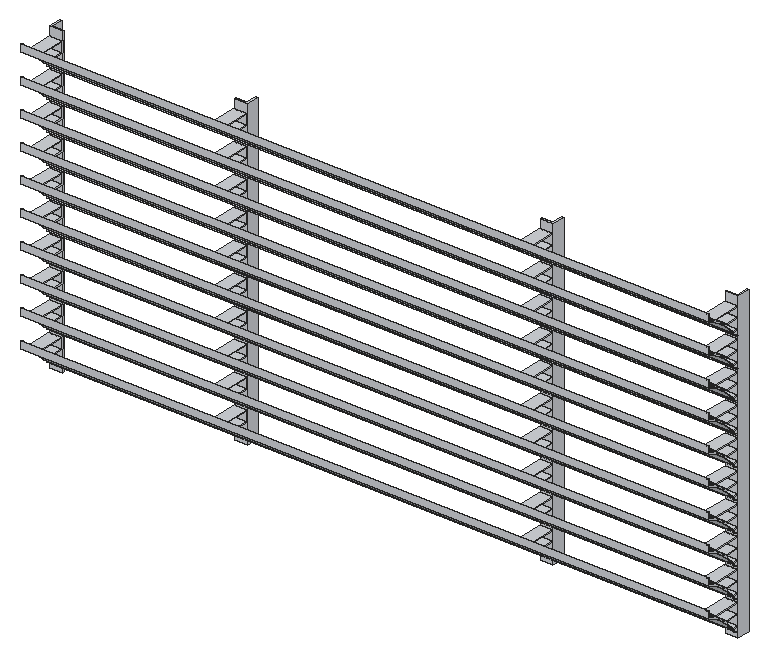
Revit family "ES-EL-6", category Mechanical Equipment, Revit 2015
Parameters
  URL = "http://unitedenertech.com/catalog/pdf/A_48%20ES-EL-6.pdf"
  Type Comments = "Max Single Section Size is (84\"w x 120\"h) or (120\"w x 84\"h)"
  Model = "ES-El-6"
  Manufacturer = "United Enertech Corporation"
  Keynote = "Note: Blade Braces Set to Visibility Parameters, Correct Number Will Appear when Loaded into Project."
  Exact Width = 9' - 0"
  Exact Height = 4' - 0"
  Description = "6\" Aluminum Equipment Screen"
  Brace Visibility (2) [instance] = if(Exact Width > 7' 11 115/128", 2 > 1, 1 > 2)  # yes
  Brace Visibility [instance] = if(and(Exact Width > 3' 11 115/128", Exact Width < 7' 11 115/128"), 2 > 1, 1 > 2)  # no
  Blade Spacing = 0' - 4.63"
  Blade Number [instance] = rounddown(Exact Height / Blade Spacing)  # 10
Reference planes (in)
  plane 1 "Center (Front/Back)": y = 0
  plane 2: z = 0
  plane 3 "Center (Left/Right)": x = 0
  plane 4: x = -54
  plane 5: x = 54
  plane 6: z = 48
Forms (in)
  Extrusion 1, solid
    sketch origin (0, 0, 0) x (1, 0, 0) y (0, 1, 0)
      loop
        line (-54, 0) -> (-52, 0) -> (-52, 0.25) -> (-53.75, 0.25) -> (-53.75, 2) -> (-54, 2) -> (-54, 0)
    from 0 to 48
  Extrusion 2, solid
    sketch origin (0, 0, 0) x (-1, 0, 0) y (0, -1, 0)
      loop
        line (-54, 0) -> (-54, -2) -> (-53.75, -2) -> (-53.75, -0.25) -> (-52, -0.25) -> (-52, 0) -> (-54, 0)
    from 0 to 48
Dimensions and locks (in)
  equal spacing: plane 4, plane 3 "Center (Left/Right)", plane 5
  "Exact Width": plane 4 to plane 5
  "Exact Height": plane 6 to level
  equal spacing: group 1, group 2, group 3, group 4, group 5, group 6, group 7, group 8, group 9, group 10  (x2)
  equal spacing: group 10, group 9, group 8, group 7, group 6, group 5, group 4, group 3, group 2, group 1
  "Blade Spacing": nested 1 to nested 2
  aligned and locked: level to plane 2
  aligned and locked: plane 6 to Extrusion 2
  aligned and locked: plane 6 to Extrusion 1
  aligned and locked: plane 3 "Center (Left/Right)" to nested 1
  aligned and locked: plane 6 to nested 1
  aligned and locked: nested 2 to nested 1
Automatic sketch dimensions
  plane 1 "Center (Front/Back)" to Extrusion 1 sketch curve = 0' - 0"
  Extrusion 1 sketch curve to plane 4 = 0' - 0"
  Extrusion 1 sketch curve to plane 4 = 0' - 0 1/4"
  Extrusion 1 sketch curve to Extrusion 1 sketch curve = 0' - 1 3/4"  (x2)
  Extrusion 1 sketch curve to plane 1 "Center (Front/Back)" = 0' - 0 1/4"
  plane 1 "Center (Front/Back)" to Extrusion 2 sketch curve = 0' - 0"
  Extrusion 2 sketch curve to plane 5 = 0' - 0"
  plane 5 to Extrusion 2 sketch curve = 0' - 0 1/4"
  Extrusion 2 sketch curve to Extrusion 2 sketch curve = 0' - 1 3/4"  (x2)
  plane 1 "Center (Front/Back)" to Extrusion 2 sketch curve = 0' - 0 1/4"
Nested families (in)
  nested 1: "ESEL6BLADEANDBRACE" at (0, -5.86053, 39.18457), type "ESEL6BLADEANDBRACE"
    with Blade Width 9' - 0"
  nested 2: "ESEL6BLADEANDBRACE" at (0, -5.86053, 34.55457), type "ESEL6BLADEANDBRACE"
    with Blade Width 9' - 0"
  nested 3: "ESEL6BLADEANDBRACE" at (0, -5.86053, 29.92457), type "ESEL6BLADEANDBRACE"
    with Blade Width 9' - 0"
  nested 4: "ESEL6BLADEANDBRACE" at (0, -5.86053, 25.29457), type "ESEL6BLADEANDBRACE"
    with Blade Width 9' - 0"
  nested 5: "ESEL6BLADEANDBRACE" at (0, -5.86053, 20.66457), type "ESEL6BLADEANDBRACE"
    with Blade Width 9' - 0"
  nested 6: "ESEL6BRACE" at (1, 0.00618, 0), visible <- "Brace Visibility", type "ESEL6BRACE"
    with Brace Number 10
  nested 7: "ESEL6BRACE" at (25, 0.00618, 0), visible <- "Brace Visibility (2)", type "ESEL6BRACE"
    with Brace Number 10
  nested 8: "ESEL6BRACE" at (-23, 0.00618, 0), visible <- "Brace Visibility (2)", type "ESEL6BRACE"
    with Brace Number 10
  nested 9: "ESEL6BLADEANDBRACE" at (0, -5.86053, 16.03457), type "ESEL6BLADEANDBRACE"
    with Blade Width 9' - 0"
  nested 10: "ESEL6BLADEANDBRACE" at (0, -5.86053, 11.40457), type "ESEL6BLADEANDBRACE"
    with Blade Width 9' - 0"
  nested 11: "ESEL6BLADEANDBRACE" at (0, -5.86053, 6.77457), type "ESEL6BLADEANDBRACE"
    with Blade Width 9' - 0"
  nested 12: "ESEL6BLADEANDBRACE" at (0, -5.86053, 2.14457), type "ESEL6BLADEANDBRACE"
    with Blade Width 9' - 0"
  nested 13: "ESEL6BLADEANDBRACE" at (0, -5.86053, -2.48543), type "ESEL6BLADEANDBRACE"
    with Blade Width 9' - 0"
Definition of nested family "ESEL6BLADEANDBRACE"
  Parameters (values of type "ESEL6BLADEANDBRACE")
    Blade Width = 4' - 0"
  Reference planes (in)
    plane 1 "Center (Front/Back)": y = 0
    plane 2: z = 0
    plane 3 "Center (Left/Right)": x = 0
    plane 4: x = -24
    plane 5: x = 24
    plane 6: x = -22
    plane 7: x = 22
  Forms (in)
    Extrusion 1, solid
      sketch origin (-14.43998, 13.60962, 0.83037) x (0, 1, 0) y (0, 0, 1)
        loop
          line (-13.51496, 7.98507) -> (-13.51496, 6.87526) -> (-12.76774, 6.52187) -> (-12.40909, 6.35224) -> (-12.07841, 6.19585) -> (-11.81523, 6.06274) -> (-11.57183, 5.91693) -> (-11.32141, 5.7406) -> (-11.07345, 5.53509) -> (-10.79237, 5.26086) -> (-8.83019, 3.28068) -> (-7.8239, 3.28068) -> (-7.8239, 2.50032) -> (-8.18052, 2.72316) -> (-8.22105, 2.65297) -> (-7.7429, 2.3542) -> (-7.7429, 3.36168) -> (-8.7556, 3.36168) -> (-10.11349, 4.73203) -> (-10.05227, 4.77444) -> (-10.01619, 4.82852) -> (-10.00438, 4.90656) -> (-10.08927, 4.91114)
          arc (-10.08927, 4.91114) -> (-10.22079, 4.83469) -> (-10.13519, 4.96045) r 0.078
          line (-10.13519, 4.96045) -> (-10.14282, 5.0496) -> (-10.19099, 5.04449) -> (-10.23496, 5.02999) -> (-10.28518, 4.99044) -> (-10.31533, 4.93573) -> (-10.75183, 5.37623) -> (-10.99362, 5.61123) -> (-11.19393, 5.78078) -> (-11.42469, 5.95104) -> (-11.69271, 6.11989) -> (-11.92584, 6.24467) -> (-12.1114, 6.33313) -> (-12.07216, 6.38225) -> (-12.05586, 6.43461) -> (-12.06035, 6.50861) -> (-12.14855, 6.49811)
          arc (-12.14855, 6.49811) -> (-12.2544, 6.38854) -> (-12.20441, 6.53245) r 0.078
          line (-12.20441, 6.53245) -> (-12.25159, 6.61416) -> (-12.31444, 6.57787) -> (-12.34843, 6.53917) -> (-12.36716, 6.49601) -> (-12.37078, 6.45581) -> (-13.43396, 6.95864) -> (-13.43396, 7.98507) -> (-13.51496, 7.98507)
      from -9.56002 to 38.43998
    Extrusion 2, solid
      sketch origin (-14.43998, 9.22554, 0.18061) x (0, 1, 0) y (0, 0, 1)
        loop
          arc (-7.83356, 7.16625) -> (-7.86745, 7.0554) -> (-7.78268, 7.13445) r 0.06
          line (-7.78268, 7.13445) -> (-7.74529, 7.19429) -> (-3.459, 7.19429) -> (-3.459, 5.7017) -> (-5.65549, 5.7017) -> (-5.76827, 5.59653)
          arc (-5.76827, 5.59653) -> (-5.8297, 5.49823) -> (-5.72735, 5.55265) r 0.06
          line (-5.72735, 5.55265) -> (-5.66832, 5.6077) -> (-3.365, 5.6077) -> (-3.365, 7.28829) -> (-7.7573, 7.28829) -> (-7.83356, 7.16625)
      from 36.43998 to 38.43998
    Extrusion 3, solid
      sketch origin (-27.43998, 9.22554, 0.18061) x (0, 1, 0) y (0, 0, 1)
        loop
          arc (-7.83356, 7.16625) -> (-7.86745, 7.0554) -> (-7.78268, 7.13445) r 0.06
          line (-7.78268, 7.13445) -> (-7.74529, 7.19429) -> (-3.459, 7.19429) -> (-3.459, 5.7017) -> (-5.65549, 5.7017) -> (-5.76827, 5.59653)
          arc (-5.76827, 5.59653) -> (-5.8297, 5.49823) -> (-5.72735, 5.55265) r 0.06
          line (-5.72735, 5.55265) -> (-5.66832, 5.6077) -> (-3.365, 5.6077) -> (-3.365, 7.28829) -> (-7.7573, 7.28829) -> (-7.83356, 7.16625)
      from 3.43998 to 5.43998
  Dimensions and locks (in)
    equal spacing: plane 4, plane 3 "Center (Left/Right)", plane 5
    "Blade Width": plane 4 to plane 5
    locked: plane 4 to plane 6 at 2
    locked: plane 7 to plane 5 at 2
    aligned and locked: level to plane 2
    aligned and locked: Extrusion 2 to plane 5
    aligned and locked: plane 7 to Extrusion 2
    aligned and locked: plane 4 to Extrusion 3
    aligned and locked: Extrusion 3 to plane 6
    aligned and locked: plane 4 to Extrusion 1
    aligned and locked: Extrusion 1 to plane 5
  Automatic sketch dimensions
    Extrusion 1 sketch curve to plane 1 "Center (Front/Back)" = 0' - 0.09465"
    Extrusion 1 sketch curve to Extrusion 1 sketch curve = 0' - 0.081"  (x3)
    Extrusion 1 sketch curve to Extrusion 1 sketch curve = 0' - 0.66622"
    Extrusion 1 sketch curve to Extrusion 1 sketch curve = 0' - 0.35865"
    Extrusion 1 sketch curve to Extrusion 1 sketch curve = 0' - 0.03831"
    Extrusion 1 sketch curve to Extrusion 1 sketch curve = 0' - 0.00362"
    Extrusion 1 sketch curve to Extrusion 1 sketch curve = 0' - 0.01873"
    Extrusion 1 sketch curve to Extrusion 1 sketch curve = 0' - 0.03399"
    Extrusion 1 sketch curve to Extrusion 1 sketch curve = 0' - 0.06286"
    Extrusion 1 sketch curve to Extrusion 1 sketch curve = 0' - 0.15723"
    Extrusion 1 sketch curve to Extrusion 1 sketch curve = 0' - 0.00914"
    Extrusion 1 sketch curve to Extrusion 1 sketch curve = 0' - 0.05585"
    Extrusion 1 sketch curve to Extrusion 1 sketch curve = 0' - 0.10215"
    Extrusion 1 sketch curve to Extrusion 1 sketch curve = 0' - 0.03299"
    Extrusion 1 sketch curve to Extrusion 1 sketch curve = 0' - 0.03924"
    Extrusion 1 sketch curve to Extrusion 1 sketch curve = 0' - 0.08821"
    Extrusion 1 sketch curve to Extrusion 1 sketch curve = 0' - 0.0163"
    Extrusion 1 sketch curve to Extrusion 1 sketch curve = 0' - 0.15258"
    Extrusion 1 sketch curve to Extrusion 1 sketch curve = 0' - 0.11061"
    Extrusion 1 sketch curve to Extrusion 1 sketch curve = 0' - 0.12251"
    Extrusion 1 sketch curve to Extrusion 1 sketch curve = 0' - 0.12088"
    Extrusion 1 sketch curve to Extrusion 1 sketch curve = 0' - 0.14714"
    Extrusion 1 sketch curve to Extrusion 1 sketch curve = 0' - 0.10329"
    Extrusion 1 sketch curve to Extrusion 1 sketch curve = 0' - 0.12748"
    Extrusion 1 sketch curve to Extrusion 1 sketch curve = 0' - 0.12048"
    Extrusion 1 sketch curve to Extrusion 1 sketch curve = 0' - 0.07983"
    Extrusion 1 sketch curve to Extrusion 1 sketch curve = 0' - 0.28109"
    Extrusion 1 sketch curve to Extrusion 1 sketch curve = 0' - 0.04054"
    Extrusion 1 sketch curve to Extrusion 1 sketch curve = 0' - 0.47704"
    Extrusion 1 sketch curve to Extrusion 1 sketch curve = 0' - 0.03015"
    Extrusion 1 sketch curve to Extrusion 1 sketch curve = 0' - 0.05022"  (x2)
    Extrusion 1 sketch curve to Extrusion 1 sketch curve = 0' - 0.04397"
    Extrusion 1 sketch curve to Extrusion 1 sketch curve = 0' - 0.15162"
    Extrusion 1 sketch curve to Extrusion 1 sketch curve = 0' - 0.04817"
    Extrusion 1 sketch curve to Extrusion 1 sketch curve = 0' - 0.02852"
    Extrusion 1 sketch curve to Extrusion 1 sketch curve = 0' - 0.04592"
    Extrusion 1 sketch curve to Extrusion 1 sketch curve = 0' - 0.06122"
    Extrusion 1 sketch curve to Extrusion 1 sketch curve = 0' - 0.03607"
    Extrusion 1 sketch curve to Extrusion 1 sketch curve = 0' - 0.01181"
    Extrusion 1 sketch curve to Extrusion 1 sketch curve = 0' - 1.22207"
    Extrusion 1 sketch curve to Extrusion 1 sketch curve = 0' - 0.07459"
    Extrusion 1 sketch curve to Extrusion 1 sketch curve = 0' - 0.60915"
    Extrusion 1 sketch curve to Extrusion 1 sketch curve = 0' - 0.04052"
    Extrusion 1 sketch curve to Extrusion 1 sketch curve = 0' - 0.35662"
    level to Extrusion 1 sketch curve = 0' - 3.18457"
    Extrusion 1 sketch curve to Extrusion 1 sketch curve = 0' - 0.14612"
    Extrusion 1 sketch curve to Extrusion 1 sketch curve = 0' - 0.15264"
    Extrusion 1 sketch curve to Extrusion 1 sketch curve = 0' - 0.07019"
    Extrusion 1 sketch curve to Extrusion 1 sketch curve = 0' - 0.55752"
    Extrusion 1 sketch curve to Extrusion 1 sketch curve = 0' - 1.37035"
    Extrusion 1 sketch curve to Extrusion 1 sketch curve = 0' - 0.04241"
    Extrusion 1 sketch curve to Extrusion 1 sketch curve = 0' - 0.05408"
    Extrusion 1 sketch curve to Extrusion 1 sketch curve = 0' - 0.11341"
    Extrusion 1 sketch curve to Extrusion 1 sketch curve = 0' - 0.07804"
    Extrusion 1 sketch curve to Extrusion 1 sketch curve = 0' - 0.02329"
    Extrusion 1 sketch curve to Extrusion 1 sketch curve = 0' - 0.04788"
    Extrusion 1 sketch curve to Extrusion 1 sketch curve = 0' - 0.05471"
    Extrusion 1 sketch curve to Extrusion 1 sketch curve = 0' - 0.03955"
    Extrusion 1 sketch curve to Extrusion 1 sketch curve = 0' - 0.0145"
    Extrusion 1 sketch curve to Extrusion 1 sketch curve = 0' - 0.00511"
    Extrusion 1 sketch curve to Extrusion 1 sketch curve = 0' - 0.27042"
    Extrusion 1 sketch curve to Extrusion 1 sketch curve = 0' - 0.11537"
    Extrusion 1 sketch curve to Extrusion 1 sketch curve = 0' - 0.15886"
    Extrusion 1 sketch curve to Extrusion 1 sketch curve = 0' - 0.07614"
    Extrusion 1 sketch curve to Extrusion 1 sketch curve = 0' - 0.20551"
    Extrusion 1 sketch curve to Extrusion 1 sketch curve = 0' - 0.04019"
    Extrusion 1 sketch curve to Extrusion 1 sketch curve = 0' - 0.17634"
    Extrusion 1 sketch curve to Extrusion 1 sketch curve = 0' - 0.0341"
    Extrusion 1 sketch curve to Extrusion 1 sketch curve = 0' - 0.14581"
    Extrusion 1 sketch curve to Extrusion 1 sketch curve = 0' - 0.05715"
    Extrusion 1 sketch curve to Extrusion 1 sketch curve = 0' - 0.13311"
    Extrusion 1 sketch curve to Extrusion 1 sketch curve = 0' - 0.04882"
    Extrusion 1 sketch curve to Extrusion 1 sketch curve = 0' - 0.13728"
    Extrusion 1 sketch curve to Extrusion 1 sketch curve = 0' - 0.01911"
    Extrusion 1 sketch curve to Extrusion 1 sketch curve = 0' - 0.04911"
    Extrusion 1 sketch curve to Extrusion 1 sketch curve = 0' - 0.05236"
    Extrusion 1 sketch curve to Extrusion 1 sketch curve = 0' - 0.02038"
    Extrusion 1 sketch curve to Extrusion 1 sketch curve = 0' - 0.10356"
    Extrusion 1 sketch curve to Extrusion 1 sketch curve = 0' - 0.0402"
    Extrusion 1 sketch curve to Extrusion 1 sketch curve = 0' - 0.04312"
    Extrusion 1 sketch curve to Extrusion 1 sketch curve = 0' - 0.074"
    Extrusion 1 sketch curve to Extrusion 1 sketch curve = 0' - 0.16962"
    Extrusion 1 sketch curve to Extrusion 1 sketch curve = 0' - 0.04316"
    Extrusion 1 sketch curve to Extrusion 1 sketch curve = 0' - 0.0387"
    Extrusion 1 sketch curve to Extrusion 1 sketch curve = 0' - 0.3534"
    Extrusion 1 sketch curve to Extrusion 1 sketch curve = 0' - 0.08337"
    Extrusion 1 sketch curve to Extrusion 1 sketch curve = 0' - 1.02643"
    Extrusion 2 sketch curve to plane 1 "Center (Front/Back)" = 0' - 1.38988"
    Extrusion 2 sketch curve to Extrusion 2 sketch curve = 0' - 0.00209"
    Extrusion 2 sketch curve to Extrusion 2 sketch curve = 0' - 0.05298"
    Extrusion 2 sketch curve to Extrusion 2 sketch curve = 0' - 0.07626"
    Extrusion 2 sketch curve to Extrusion 2 sketch curve = 0' - 0.03739"
    Extrusion 2 sketch curve to Extrusion 2 sketch curve = 0' - 1.99686"
    Extrusion 2 sketch curve to Extrusion 2 sketch curve = 0' - 0.01754"
    Extrusion 2 sketch curve to Extrusion 2 sketch curve = 0' - 0.04092"
    Extrusion 2 sketch curve to Extrusion 2 sketch curve = 0' - 0.05904"
    Extrusion 2 sketch curve to Extrusion 2 sketch curve = 0' - 0.01283"
    Extrusion 2 sketch curve to Extrusion 2 sketch curve = 0' - 2.19649"
    Extrusion 2 sketch curve to Extrusion 2 sketch curve = 0' - 0.094"  (x3)
    level to Extrusion 2 sketch curve = 0' - 5.71976"
    Extrusion 2 sketch curve to Extrusion 2 sketch curve = 0' - 0.0135"
    Extrusion 2 sketch curve to Extrusion 2 sketch curve = 0' - 0.05505"
    Extrusion 2 sketch curve to Extrusion 2 sketch curve = 0' - 1.50976"
    Extrusion 2 sketch curve to Extrusion 2 sketch curve = 0' - 0.02817"
    Extrusion 2 sketch curve to Extrusion 2 sketch curve = 0' - 0.05983"
    Extrusion 3 sketch curve to plane 1 "Center (Front/Back)" = 0' - 1.38988"
    Extrusion 3 sketch curve to Extrusion 3 sketch curve = 0' - 0.00209"
    Extrusion 3 sketch curve to Extrusion 3 sketch curve = 0' - 0.05298"
    Extrusion 3 sketch curve to Extrusion 3 sketch curve = 0' - 0.07626"
    Extrusion 3 sketch curve to Extrusion 3 sketch curve = 0' - 0.03739"
    Extrusion 3 sketch curve to Extrusion 3 sketch curve = 0' - 1.99686"
    Extrusion 3 sketch curve to Extrusion 3 sketch curve = 0' - 0.01754"
    Extrusion 3 sketch curve to Extrusion 3 sketch curve = 0' - 0.04092"
    Extrusion 3 sketch curve to Extrusion 3 sketch curve = 0' - 0.05904"
    Extrusion 3 sketch curve to Extrusion 3 sketch curve = 0' - 0.01283"
    Extrusion 3 sketch curve to Extrusion 3 sketch curve = 0' - 2.19649"
    Extrusion 3 sketch curve to Extrusion 3 sketch curve = 0' - 0.094"  (x3)
    level to Extrusion 3 sketch curve = 0' - 5.71976"
    Extrusion 3 sketch curve to Extrusion 3 sketch curve = 0' - 0.0135"
    Extrusion 3 sketch curve to Extrusion 3 sketch curve = 0' - 0.05505"
    Extrusion 3 sketch curve to Extrusion 3 sketch curve = 0' - 1.50976"
    Extrusion 3 sketch curve to Extrusion 3 sketch curve = 0' - 0.02817"
    Extrusion 3 sketch curve to Extrusion 3 sketch curve = 0' - 0.05983"
Definition of nested family "ESEL6BRACE"
  Parameters (values of type "ESEL6BRACE")
    Spacing = 0' - 4.63"
    Height = 4' - 0"
    Brace Number [instance] = rounddown(Height / Spacing)  # 10
  Reference planes (in)
    plane 1 "Center (Front/Back)": y = 0
    plane 2: z = 0
    plane 3 "Center (Left/Right)": x = 0
    plane 4: z = 48
    plane 5: z = 46.65234
  Forms (in)
    Extrusion 1, solid
      sketch origin (-16.51353, -5.17898, 0) x (1, 0, 0) y (0, 1, 0)
        loop
          line (14.51353, 5.17898) -> (16.51353, 5.17898) -> (16.51353, 7.17898) -> (16.26353, 7.17898) -> (16.26353, 5.42898) -> (14.51353, 5.42898) -> (14.51353, 5.17898)
      from 0 to 48
  Dimensions and locks (in)
    "Height": plane 4 to level
    locked: plane 4 to plane 5 at 1.34766
    equal spacing: group 1, group 2, group 3, group 4, group 5, group 6, group 7, group 8, group 9, group 10  (x2)
    equal spacing: group 10, group 9, group 8, group 7, group 6, group 5, group 4, group 3, group 2, group 1
    "Spacing": nested 2 to nested 1
    aligned and locked: level to plane 2
    aligned and locked: plane 4 to Extrusion 1
    aligned and locked: plane 5 to nested 1
    aligned and locked: nested 1 to Extrusion 1
    aligned and locked: plane 3 "Center (Left/Right)" to nested 1
  Automatic sketch dimensions
    plane 1 "Center (Front/Back)" to Extrusion 1 sketch curve = 0' - 0"
    Extrusion 1 sketch curve to plane 3 "Center (Left/Right)" = 0' - 0"
    Extrusion 1 sketch curve to plane 3 "Center (Left/Right)" = 0' - 0 1/4"
    Extrusion 1 sketch curve to Extrusion 1 sketch curve = 0' - 1 3/4"  (x2)
    Extrusion 1 sketch curve to plane 1 "Center (Front/Back)" = 0' - 0 1/4"
  Nested families (in)
    nested 1: "ESEL6BraceOnly" at (-2, -2.25, 45.72176) x (0, 1, 0) z (1, 0, 0), type "ESEL6BraceOnly"
    nested 2: "ESEL6BraceOnly" at (-2, -2.25, 41.09176) x (0, 1, 0) z (1, 0, 0), type "ESEL6BraceOnly"
    nested 3: "ESEL6BraceOnly" at (-2, -2.25, 36.46176) x (0, 1, 0) z (1, 0, 0), type "ESEL6BraceOnly"
    nested 4: "ESEL6BraceOnly" at (-2, -2.25, 31.83176) x (0, 1, 0) z (1, 0, 0), type "ESEL6BraceOnly"
    nested 5: "ESEL6BraceOnly" at (-2, -2.25, 27.20176) x (0, 1, 0) z (1, 0, 0), type "ESEL6BraceOnly"
    nested 6: "ESEL6BraceOnly" at (-2, -2.25, 22.57176) x (0, 1, 0) z (1, 0, 0), type "ESEL6BraceOnly"
    nested 7: "ESEL6BraceOnly" at (-2, -2.25, 17.94176) x (0, 1, 0) z (1, 0, 0), type "ESEL6BraceOnly"
    nested 8: "ESEL6BraceOnly" at (-2, -2.25, 13.31176) x (0, 1, 0) z (1, 0, 0), type "ESEL6BraceOnly"
    nested 9: "ESEL6BraceOnly" at (-2, -2.25, 8.68176) x (0, 1, 0) z (1, 0, 0), type "ESEL6BraceOnly"
    nested 10: "ESEL6BraceOnly" at (-2, -2.25, 4.05176) x (0, 1, 0) z (1, 0, 0), type "ESEL6BraceOnly"
  Definition of nested family "ESEL6BraceOnly"
    Reference planes (in)
      plane 1 "Center (Front/Back)": y = 0
      plane 2: z = 0
      plane 3 "Center (Left/Right)": x = 0
    Forms (in)
      Extrusion 1, solid
        sketch origin (-11.38216, -2.96488, 0) x (1, 0, 0) y (0, 1, 0)
          loop
            arc (11.22889, 2.20371) -> (11.16746, 2.10541) -> (11.26981, 2.15982) r 0.06
            line (11.26981, 2.15982) -> (11.32884, 2.21488) -> (13.63216, 2.21488) -> (13.63216, 3.89546) -> (9.23986, 3.89546) -> (9.1636, 3.77343)
            arc (9.1636, 3.77343) -> (9.12971, 3.66258) -> (9.21449, 3.74163) r 0.06
            line (9.21449, 3.74163) -> (9.25187, 3.80146) -> (13.53816, 3.80146) -> (13.53816, 2.30888) -> (11.34167, 2.30888) -> (11.22889, 2.20371)
        from 0 to 2
    Dimensions and locks (in)
      aligned and locked: level to plane 2
